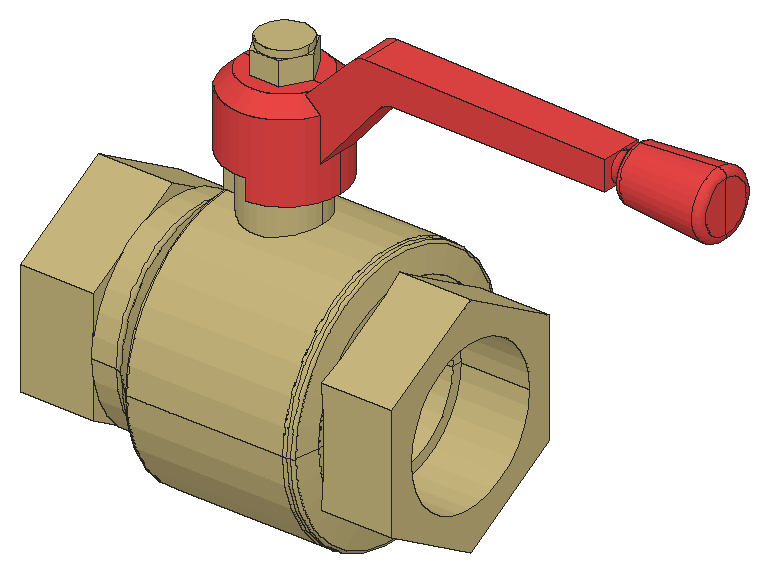
Revit family "QA00750000", category Apparecchi idraulici, Revit 2016
Family settings
  Tipo di parte = Normale
  Quota connettore circolare = Usa diametro
  Numero OmniClass = 23.45.00.00
  Titolo OmniClass = Sanitary, Laundry, and Cleaning Equipment
  Basato su piano di lavoro = No
  Sempre verticale = Sì
  Taglio con vuoti quando caricato = No
  Condiviso = No
  Punto di calcolo locali = No
Parameters
  URL = "https://web.cimberio.it/index.php/figura/101?subcategoria_id=41693"
  DN Model [instance] = QA00751050 : QA00751050
  DN [instance] = 50 mm
Reference planes
  plane 1 "Centro (Fronte/Retro)": y = 0
  plane 2: z = 0
  plane 3 "Centro (Sinistra/Destra)": x = 0
Dimensions and locks
  aligned and locked: level to plane 2
Nested families
  nested 1: "QA00751050" at (0, 0, 0), type <- "DN Model", type "QA00751050"
  nested 2: "QA00751050" at (0, 0, 0), type <- "DN Model", type "QA00751050"
  nested 3: "QA00751050" at (0, 0, 0), type <- "DN Model", type "QA00751050"
  nested 4: "QA00751050" at (0, 0, 0), type <- "DN Model", type "QA00751050"
  nested 5: "QA00751050" at (0, 0, 0), type <- "DN Model", type "QA00751050"
  nested 6: "QA00751050" at (0, 0, 0), type <- "DN Model", type "QA00751050"
  nested 7: "QA00751050" at (0, 0, 0), type <- "DN Model", type "QA00751050"
  nested 8: "QA00751050" at (0, 0, 0), type <- "DN Model", type "QA00751050"
  nested 9: "QA00751050" at (0, 0, 0), type <- "DN Model", type "QA00751050"
  nested 10: "QA00751050" at (0, 0, 0), type <- "DN Model", type "QA00751050"
  nested 11: "QA00751050" at (0, 0, 0), type <- "DN Model", type "QA00751050"
Connectors
  piping at (62.3, 0, 0), diameter 50, driven by "DN"
    settings: on nested 1, index 1, connector inside diameter 609.6 mm, connector length 0 mm, flow factor 0, pipe flow 0.0 L/s, pressure drop 0.0 Pa, fitting loss kfactor 0, connector angle 0.00°, fixture units 0, engagement length 0 mm, angle of deflection 0.00°, flow configuration 0, flow direction 0, fitting loss method 0, system type 7, joint type 0, gender type 0, connector reference index -1, connector utility 0, adjustable connector no, is connector primary yes, connector description ""
  piping at (-62.3, 0, 0), diameter 50, driven by "DN"
    settings: on nested 1, index 2, connector inside diameter 609.6 mm, connector length 0 mm, flow factor 0, pipe flow 0.0 L/s, pressure drop 0.0 Pa, fitting loss kfactor 0, connector angle 0.00°, fixture units 0, engagement length 0 mm, angle of deflection 0.00°, flow configuration 0, flow direction 0, fitting loss method 0, system type 7, joint type 0, gender type 0, connector reference index -1, connector utility 0, adjustable connector no, is connector primary no, connector description ""
Definition of nested family "QA00751050"
  Reference planes
    plane 1 "Centro (Fronte/Retro)": y = 0
    plane 2: z = 0
    plane 3 "Centro (Sinistra/Destra)": x = 0
  Forms (mm)
    Extrusion 1, solid
      sketch origin (0, 0, 65.5) x (0, 1, 0) y (-1, 0, 0)
        loop
          circle (0, 0) r 12.95
        loop
          circle (0, 0) r 8.25
      from -34.484 to 10
    Revolve 2, solid
      sketch origin (0, 0, 7.2) x (1, 0, 0) y (0, 0, 1)
        loop
          line (0, 78.3) -> (-13.75, 78.3) -> (-18.75, 73.3) -> (-18.75, 47.333) -> (-13.951, 47.333) -> (-13.951, 69.24) -> (0, 69.24) -> (0, 78.3)
        axis (0, 47.333) -> (0, 78.3)
      angle from 0 to 360
    Extrusion 3, solid
      sketch origin (0, 0, 7.2) x (1, 0, 0) y (0, 0, 1)
        loop
          line (12.621, 77.921) -> (17.613, 58.812) -> (37.495, 82.506)
          arc (37.495, 82.506) -> (39.219, 83.827) -> (41.342, 84.292) r 5
          line (41.342, 84.292) -> (113, 84.05) -> (113, 93.55) -> (32.361, 95.25)
          arc (32.361, 95.25) -> (30.269, 94.938) -> (28.492, 93.792) r 5.015
          line (28.492, 93.792) -> (12.621, 77.921)
      from -6.9 to 6.9
    Revolve 4, solid
      sketch origin (0, 0, 7.2) x (1, 0, 0) y (0, 0, 1)
        loop
          line (113, 93.55) -> (113, 88.8) -> (148, 88.8) -> (148, 97.307)
          arc (148, 97.307) -> (147.202, 99.138) -> (145.317, 99.8) r 2.5
          line (145.317, 99.8) -> (119.521, 97.909)
          arc (119.521, 97.909) -> (118.919, 97.789) -> (118.403, 97.457) r 1.653
          arc (118.403, 97.457) -> (117.759, 96.715) -> (117.272, 95.862) r 4.998
          arc (117.272, 95.862) -> (115.443, 94.139) -> (113, 93.55) r 4.898
        axis (113, 88.8) -> (148, 88.8)
      angle from 0 to 360
    Extrusion 5, solid
      sketch origin (0, 0, 65.5) x (0, 1, 0) y (-1, 0, 0)
        loop
          line (1.6, 19) -> (-1.602, 19) -> (-1.602, 6.145) -> (1.6, 6.145) -> (1.6, 19)
      from -27.95 to -6.5
    Extrusion 6, solid
      sketch origin (0.008, 0.049, 85.5) x (0.438371, 0.898794, 0) y (-0.898794, 0.438371, 0)
        loop
          line (-9.687, 0.677) -> (-5.43, -8.05) -> (4.257, -8.728) -> (9.687, -0.677) -> (5.43, 8.05) -> (-4.257, 8.728) -> (-9.687, 0.677)
      from 0 to 7.7
    Extrusion 7, solid
      sketch origin (0, 0, 85.5) x (0, 1, 0) y (-1, 0, 0)
        loop
          circle (0, 0) r 8.25
      from 7.7 to 10
    Extrusion 8, void
      sketch origin (0, 0, 85.5) x (-1, 0, 0) y (0, 1, 0)
        loop
          line (19.183, -1.602) -> (13.858, -1.602)
          arc (13.858, -1.602) -> (8.588, -10.994) -> (-1.8, -13.834) r 13.951
          line (-1.8, -13.834) -> (-1.8, -19.165)
          arc (-1.8, -19.165) -> (12.355, -14.761) -> (19.183, -1.602) r 19.249
      from 24 to 31.661
    Revolve 9, solid
      sketch origin (0, 0, 0) x (0, 1, 0) y (-1, 0, 0)
        loop
          line (34, 37.5) -> (21.597, 37.5) -> (21.597, -38.997) -> (34.5, -38.997) -> (42.424, -37.6)
          arc (42.424, -37.6) -> (43.016, -37.258) -> (43.25, -36.615) r 1
          line (43.25, -36.615) -> (43.25, -35.153) -> (43.5, -34.22) -> (43.5, 18.068)
          arc (43.5, 18.068) -> (43.427, 18.46) -> (43.207, 18.793) r 1.001
          line (43.207, 18.793) -> (35.025, 26.975)
          arc (35.025, 26.975) -> (34.266, 28.11) -> (34, 29.45) r 3.5
          line (34, 29.45) -> (34, 37.5)
        axis (0, 37.5) -> (0, -38.997)
      angle from 0 to 360
    Extrusion 10, solid
      sketch origin (-16, 0, 0) x (0, 0, 1) y (0, 1, 0)
        loop
          circle (0, 0) r 25
        loop
          line (-38, 0) -> (-19, -32.909) -> (19, -32.909) -> (38, 0) -> (19, 32.909) -> (-19, 32.909) -> (-38, 0)
      from 21.5 to 46.3
    Extrusion 11, solid
      sketch origin (16, 0, 0) x (0, 0, 1) y (0, -1, 0)
        loop
          circle (0, 0) r 25
        loop
          line (-38, 0) -> (-19, -32.909) -> (19, -32.909) -> (38, 0) -> (19, 32.909) -> (-19, 32.909) -> (-38, 0)
      from 21.5 to 46.3
  Cuts and joins
    Extrusion 8 cuts Extrusion 1
    Extrusion 8 cuts Extrusion 5
    joined: Extrusion 1, Extrusion 5, Revolve 9
    Extrusion 8 cuts Revolve 2
  Dimensions and locks
    aligned and locked: level to plane 2
